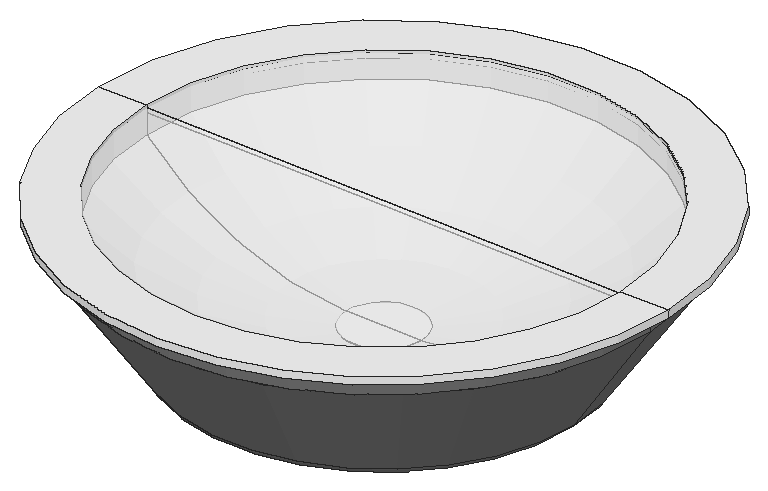
Revit family "0030359", category Lighting Fixtures, host Face, Revit 2016
Family settings
  Host = Face
  Part Type = Normal
  Round Connector Dimension = Use Diameter
  OmniClass Number = 23.80.70.00
  OmniClass Title = Lighting
  Cut with Voids When Loaded = No
  Light Source = Yes
  Shared = No
  Room Calculation Point = No
Parameters (values of type "0030359 Insaver Slim IP44 DALI 225 4800lm 840 Emergency mode")
  WidthBezel_SYL = if(Size1_SYL, 20 mm, if(Size2_SYL, 20 mm, if(Size3PIR_SYL, 30 mm, if(Size4_SYL, 20 mm, 20 mm))))  # 20 mm
  Weight = "11.4 kg"
  Wattage Comments = ""
  Wattage = 43 W
  WarrantyStartDate [instance] = "n/a"
  WarrantyGuarantorParts = "n/a"
  WarrantyDurationUnit = "n/a"
  WarrantyDurationParts = "n/a"
  WarrantyDescription = "n/a"
  built-in parameter 1150110 = 1 (stored number, unit not read)
  Voltage = 230 V
  VisibilityPIR_SYL = Size3PIR_SYL  # no
  URL = "http://www.sylvania-lighting.com"
  TypeName = "Insaver Slim IP44 DALI 225 4800lm 840"
  Type Image = <None>
  Type Comments = "n/a"
  built-in parameter 1114217 = 1 (stored number, unit not read)
  Tilt Angle = -90.00°
  built-in parameter 1150109 = 1 (stored number, unit not read)
  built-in parameter 1150134 = 12
  built-in parameter 1150113 = 1 (stored number, unit not read)
  Size4_SYL = no
  Size3PIR_SYL = no
  Size2_SYL = no
  Size1_SYL = no
  SerialNumber [instance] = "n/a"
  RadiusTop_SYL = 6 mm
  RadiusReflector_SYL = if(Size1_SYL, 85 mm, if(Size2_SYL, 85 mm, if(Size3PIR_SYL, 85 mm, if(Size4_SYL, 100 mm, 120 mm))))  # 120 mm
  Photometric Web File = "0030359EM.ies"
  Material_3_FEILO = Top-Sylvania-STARTDownlight
  PowerFactor = 0.9
  PowerConsumption = "43 W"
  NominalLength = 240 mm
  NominalHeight = 60 mm
  NominalDepth = 240 mm
  Name = "Insaver Slim IP44 DALI 225 4800lm 840"
  ModelReference = Name  # "Insaver Slim IP44 DALI 225 4800lm 840"
  ModelNumber = "0030359"
  Model = Name  # "Insaver Slim IP44 DALI 225 4800lm 840"
  Material = "aluminium housing, na diffuser"
  ManufacturerName = "Feilo Sylvania"
  Manufacturer = "Feilo Sylvania"
  LuminousEfficacy = "10 lm/W"
  built-in parameter 1150105 = 272.6 (stored number, unit not read)
  Lumens = 430 lm
  LuminaireType = ""
  built-in parameter 1150115 = 1 (stored number, unit not read)
  LightOutputRatio = "n/a"
  built-in parameter 1150137 = (empty or 0)
  built-in parameter 1150139 = (empty or 0)
  LampsType = Lamp  # "LED"
  LampNominalLuminous = "429 lm"
  LampMacAdamStep = "5"
  LampColourTemperature = "4000 K"
  LampColourRenderingIndex = "80"
  built-in parameter 1150112 = 1 (stored number, unit not read)
  built-in parameter 1150114 = 1 (stored number, unit not read)
  Lamp = "LED"
  Keynote = "16500"
  InstallationDate [instance] = "n/a"
  InputVoltage = "AC 220-240 V"
  InputNominalFrequency = "50/60 Hz"
  built-in parameter 1150132 = (empty or 0)
  built-in parameter 1150102 = (empty or 0)
  built-in parameter 1150107 = 4000 (stored number, unit not read)
  built-in parameter 1150138 = (empty or 0)
  IngressProtection = "IP40/20"
  ImpactProtectionIndex = "IK07"
  built-in parameter 1150106 = 2.726 (stored number, unit not read)
  IfcExportType = "IfcLightFixtureType"
  IfcExportAs = "IfcLightFixtureType"
  Height_SYL = if(Size1_SYL, 61 mm, if(Size2_SYL, 61 mm, if(Size3PIR_SYL, 61 mm, if(Size4_SYL, 61 mm, 60 mm))))  # 60 mm
  HeightBezel_SYL = if(Size1_SYL, 3 mm, if(Size2_SYL, 3 mm, if(Size3PIR_SYL, 3 mm, if(Size4_SYL, 3.2 mm, 3 mm))))  # 3 mm
  ExpectedLife = 50000
  Emit from Circle Diameter = Diameter_SYL - 40 mm  # 200 mm
  Emit Shape Visible in Rendering = no
  ElectricShockClassification = "Class II"
  built-in parameter 1150104 = 0.92903 (stored number, unit not read)
  DurationUnit = "hours"
  DocumentationLiterature = "http://www.sylvania-lighting.com/product/en-int/products/0030359"
  DimmingControlOptions = "DALI dimmable"
  Material_2_FEILO = Diffuser-Sylvania-STARTDownlight
  Dimming Lamp Color Temperature Shift = <None>
  Diameter_SYL = if(Size1_SYL, 165 mm, if(Size2_SYL, 190 mm, if(Size3PIR_SYL, 211 mm, if(Size4_SYL, 220 mm, 240 mm))))  # 240 mm
  DiameterTop_SYL = if(Size1_SYL, 98 mm, if(Size2_SYL, 122 mm, if(Size3PIR_SYL, 120 mm, if(Size4_SYL, 135 mm, 158 mm))))  # 158 mm
  DiameterTopBase_SYL = DiameterRecess_SYL  # 225 mm
  DiameterRecess_SYL = if(Size1_SYL, 150 mm, if(Size2_SYL, 170 mm, if(Size3PIR_SYL, 186 mm, if(Size4_SYL, 200 mm, 225 mm))))  # 225 mm
  Description = ""
  Default Elevation = 1219.2 mm
  CreatedOn = "5/28/2019"
  CreatedBy = "@sylvania-lighting.com"
  Cost = 0
  Color Filter = 16777215
  built-in parameter 1114216 [instance] = (empty or 0)
  ClassificationValue = "EF_70_80"
  ClassificationName = "Uniclass2015"
  Material_1_FEILO = Trim-Sylvania-STARTDownlight-White
  BarCode [instance] = "n/a"
  built-in parameter 1114218 = 1 (stored number, unit not read)
  built-in parameter 1150133 = 10 (stored number, unit not read)
  AssetType = "Fixed"
  AssetIdentifier [instance] = "n/a"
  Assembly Code = "D5020200"
  Apparent Load = 43 VA
  Material_4_FEILO = LED-Sylvania-STARTDownlight
Types (2, lengths in mm): name | Wattage | Photometric Web File | PowerConsumption | LuminousEfficacy | built-in parameter 1150105 | Lumens | LampNominalLuminous | built-in parameter 1150106 | built-in parameter 1150104 | Apparent Load
  0030359 Insaver Slim IP44 DALI 225 4800lm 840 | 40 W | "0030359.ies" | "40 W" | "126.9 lm/W" | 404.02 (stored number, unit not read) | 5077.07 lm | "lm" | 4.0402 (stored number, unit not read) | 11.792 (stored number, unit not read) | 40 VA
  0030359 Insaver Slim IP44 DALI 225 4800lm 840 Emergency mode | 43 W | "0030359EM.ies" | "43 W" | "10 lm/W" | 272.6 (stored number, unit not read) | 430 lm | "429 lm" | 2.726 (stored number, unit not read) | 0.92903 (stored number, unit not read) | 43 VA
Reference planes
  plane 1 "Center (Front/Back)": y = 0
  plane 2: z = 0
  plane 3 "Center (Left/Right)": x = 0
  plane 4: x = 120
  plane 5: x = -120
  plane 6: z = 3
  plane 7: z = -8
  plane 8: z = -57
  plane 9: x = -112.5
  plane 10: x = 112.5
  plane 11: x = -79
  plane 12: x = 79
  plane 13: z = -85
  plane 14: x = -100
  plane 15: z = 2
  plane 16: z = -45
  plane 17: x = -16
  plane 18: x = -105
  plane 19: x = -81.5
  plane 20: x = -99.5
  plane 21: x = -114
  plane 22: z = 5.5
  plane 23: z = 8.7
  plane 24: x = -113
  plane 25: z = 13.7
Forms (mm)
  Revolve 1, void
    sketch origin (0, 0, 0) x (1, 0, 0) y (0, 0, 1)
      loop
        line (0, 0) -> (-112.5, 0) -> (-112.5, -85) -> (0, -85) -> (0, 0)
      axis (0, 0) -> (0, -85)
    angle from 360 to 0
  Revolve 2, solid, material "Trim-Sylvania-STARTDownlight-White" <- "Material_1_FEILO"
    sketch origin (0, 0, 0) x (1, 0, 0) y (0, 0, 1)
      loop
        line (-100, 3) -> (-120, 3) -> (-120, 0) -> (-112.5, 0) -> (-112.5, -8) -> (-80.681, -53.768)
        arc (-80.681, -53.768) -> (-78.471, -56.129) -> (-75.357, -57) r 6
        line (-75.357, -57) -> (0, -57) -> (0, -45) -> (-16, -45)
        arc (-16, -45) -> (-61.677, -34.849) -> (-100, -8) r 120
        line (-100, -8) -> (-100, 3)
      axis (0, 3) -> (0, -57)
    angle from 360 to 0
  Revolve 3, solid, material "Diffuser-Sylvania-STARTDownlight" <- "Material_2_FEILO"
    sketch origin (0, 0, 0) x (1, 0, 0) y (0, 0, 1)
      loop
        line (-100, 0) -> (0, 0) -> (0, 2) -> (-100, 2) -> (-100, 0)
      axis (0, 2) -> (0, 0)
    angle from 360 to 0
  Revolve 4, solid, material "Trim-Sylvania-STARTDownlight-White" <- "Material_1_FEILO", visible <- "VisibilityPIR_SYL"
    sketch origin (0, 0, 0) x (1, 0, 0) y (0, 0, 1)
      loop
        line (-105, 3) -> (-105, 13.7)
        arc (-105, 13.7) -> (-109.717, 12.347) -> (-113, 8.7) r 8.9
        line (-113, 8.7) -> (-113, 5.5) -> (-114, 5.5) -> (-114, 3) -> (-105, 3)
      axis (-105, 13.7) -> (-105, 3)
    angle from 360 to 0
Dimensions and locks
  equal spacing: plane 4, plane 3 "Center (Left/Right)", plane 5
  "Diameter_SYL": plane 4 to plane 5
  equal spacing: plane 10, plane 3 "Center (Left/Right)", plane 9
  equal spacing: plane 12, plane 3 "Center (Left/Right)", plane 11
  "DiameterTop_SYL": plane 12 to plane 11
  "HeightBezel_SYL": plane 6 to plane 2
  "Height_SYL": plane 6 to plane 8
  locked: plane 2 to plane 7 at 8
  locked: plane 2 to plane 13 at 85
  "WidthBezel_SYL": plane 14 to plane 5
  locked: plane 6 to plane 15 at 1
  "DiameterRecess_SYL": plane 10 to plane 9
  locked: plane 3 "Center (Left/Right)" to plane 17 at 16
  locked: plane 16 to plane 8 at 12
  locked: plane 18 to plane 21 at 9
  locked: plane 22 to plane 6 at 2.5
  locked: plane 23 to plane 22 at 3.2
  locked: plane 18 to plane 24 at 8
  locked: plane 25 to plane 23 at 5
  locked: plane 25 to Revolve 4 sketch curve at 8.9
  locked: plane 18 to plane 5 at 15
  "RadiusReflector_SYL": radius of Revolve 2 sketch curve
  "RadiusTop_SYL": radius of Revolve 2 sketch curve
  aligned and locked: plane 2 to host face
  aligned and locked: level to host face
  aligned and locked: Revolve 1 sketch curve to plane 3 "Center (Left/Right)"
  aligned and locked: plane 3 "Center (Left/Right)" to Revolve 1 sketch curve
  aligned and locked: Revolve 1 sketch curve to plane 9
  aligned and locked: plane 13 to Revolve 1 sketch curve
  aligned and locked: plane 3 "Center (Left/Right)" to imposter light
  aligned and locked: imposter light to plane 15
  aligned and locked: imposter light to plane 1 "Center (Front/Back)"
  aligned and locked: Revolve 2 sketch curve to plane 3 "Center (Left/Right)"
  aligned and locked: Revolve 2 sketch curve to plane 6
  aligned and locked: Revolve 2 sketch curve to plane 5
  aligned and locked: Revolve 2 sketch curve to level
  aligned and locked: plane 7 to Revolve 2 sketch curve  (x2)
  aligned and locked: Revolve 2 sketch curve to plane 9
  aligned and locked: plane 8 to Revolve 2 sketch curve
  aligned and locked: Revolve 2 sketch curve to plane 14
  aligned and locked: plane 3 "Center (Left/Right)" to Revolve 2 sketch curve
  aligned and locked: Revolve 2 sketch curve to plane 16
  aligned and locked: Revolve 3 sketch curve to plane 3 "Center (Left/Right)"
  aligned and locked: Revolve 3 sketch curve to level
  aligned and locked: imposter light to Revolve 3 sketch curve  (x2)
  aligned and locked: Revolve 4 sketch curve to plane 18  (x2)
  aligned and locked: Revolve 4 sketch curve to plane 6
  aligned and locked: plane 22 to Revolve 4 sketch curve
  aligned and locked: plane 24 to Revolve 4 sketch curve
  aligned and locked: Revolve 4 sketch curve to Revolve 4 sketch curve
  aligned and locked: plane 21 to Revolve 4 sketch curve
Automatic sketch dimensions
  host sketch curve to host sketch curve = 2438.4 mm  (x2)
  plane 13 to Revolve 1 sketch curve = 524.6 mm
  Revolve 1 sketch curve to plane 6 = 2606.058 mm
  Revolve 1 sketch curve to level = 0 mm
  Revolve 2 sketch curve to plane 17 = 0 mm
  Revolve 2 sketch curve to plane 11 = 1.681 mm
  plane 11 to Revolve 2 sketch curve = 3.643 mm
  plane 13 to Revolve 2 sketch curve = 524.6 mm
  Revolve 2 sketch curve to Revolve 2 sketch curve = 2577.983 mm
  Revolve 3 sketch curve to plane 14 = 0 mm
  plane 13 to Revolve 3 sketch curve = 524.6 mm
  Revolve 3 sketch curve to plane 6 = 2606.058 mm
  Revolve 4 sketch curve to plane 23 = 0 mm
  plane 13 to Revolve 4 sketch curve = 524.6 mm
  Revolve 4 sketch curve to Revolve 4 sketch curve = 2595.358 mm
Connectors
  electrical at (0, 0, 0), driven by "Apparent Load", driven by "PowerFactor", driven by "Voltage"
    settings: index 1, voltage 230 V, apparent load 43 VA, apparent load phase1 0 VA, apparent load phase2 0 VA, apparent load phase3 0 VA, power factor 0.9, load classification "Lighting", number of poles 1, system type 30, power factor state 1, is connector primary yes, connector utility no, sub classification motor no, connector description ""
